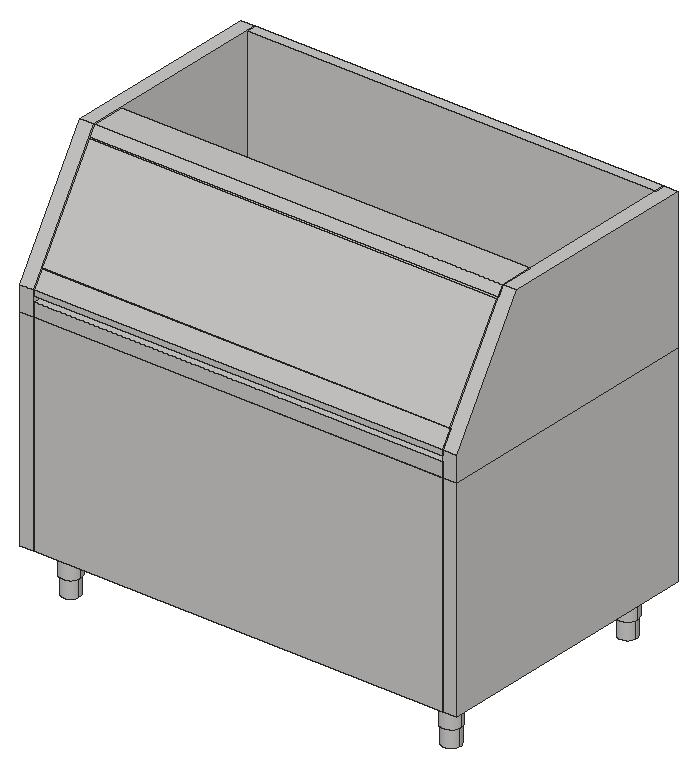
Revit family "QF_Brema_BIN350", category Specialty Equipment, Revit 2012
Parameters (values of type "BIN350")
  Width = 1250 mm
  Weight = "105 kg"
  Watts = 0 W
  Volts = 0 V
  URL Cutsheet = ""
  URL = "www.bremaice.it"
  Status [instance] = ""
  Specification by User [instance] = ""
  Specification by Manufacturer [instance] = ""
  Show Logo [instance] = yes
  Show Clearance [instance] = yes
  Serial Number = ""
  Seismic Rating = ""
  SMACNA No = ""
  Revision Code [instance] = ""
  Refrigerant Volume [instance] = 0.00 kN
  Refrigerant Type = "R404A"
  Plumbing Remarks [instance] = ""
  Plumbing Connection Type [instance] = ""
  Phase = 0
  Number of Poles [instance] = 1
  NAFEM Spec ID Number = ""
  Model = "BIN350"
  Min Ckt Ampacity = 0 A
  Max Overcurrent Protection = 0 A
  Manufacturer = "BREMA"
  Item Number [instance] = ""
  Installed By [instance] = ""
  Indirect Waste Size = 1"
  Indirect Waste Radius = Indirect Waste Size / 2  # 1/2"
  Indirect Waste Flow [instance] = 0 m³/h
  Indirect Waste Connection Type [instance] = ""
  Indirect Waste Connection Height = 130 mm
  Identify Quantity as Lot [instance] = no
  Height = 1000 mm
  HP = ""
  Furnished By [instance] = ""
  Foodservice Equipment Identifier [instance] = yes
  FL Amps = 0 A
  Electrical Remarks [instance] = ""
  Electric Connection Type [instance] = ""
  Elec Conn RI Height [instance] = 0 mm
  Elec Conn Connection Height = 0 mm
  Description = "ICE STORAGE BIN"
  Depth = 790 mm
  Daily Production [instance] = "0,0 kg/24h T=21°C:15°C"
  Cycle = 0 Hz
  Conn Plug = ""
  Conn Conduit = yes
  Cold Water Temperature Recommended [instance] = 0 °C
  Cold Water Size Radius = Cold Water Size / 2  # 3/8"
  Cold Water Size = 3/4"
  Cold Water RI Height [instance] = 0 mm
  Cold Water Minimum Pressure = 0.0 bar
  Cold Water Maximum Pressure = 0.0 bar
  Cold Water Flow [instance] = 0 m³/h
  Cold Water Consumption [instance] = "0 l/kg"
  Cold Water Connection Height = 0 mm
  CSI MasterFormat = ""
  BTUH = 0 W
  Assembly Code = "E1090320"
  Apparent Power = 0 VA
Reference planes
  plane 1 "BACK": y = 0
  plane 2: z = 0
  plane 3 "LEFT": x = 0
  plane 4 "RIGHT": x = 1250
  plane 5 "FRONT": y = -790
  plane 6 "TOP": z = 1130
Forms (mm)
  Extrusion 1, solid, visible <- "Show Clearance", detail levels coarse
    sketch origin (0, 0, 0) x (1, 0, 0) y (0, 1, 0)
      loop
        line (0, 50) -> (0, 0) -> (1250, 0) -> (1250, 50) -> (0, 50)
    from 0 to 1130
  Extrusion 2, solid
    sketch origin (1295, -181.5, 130) x (-1, 0, 0) y (0, -1, 0)
      loop
        circle (305, -26.5) r 12.7
    from 0 to -20
  Extrusion 3, solid
    sketch origin (0, 0, 515) x (0, 1, 0) y (0, 0, 1)
      loop
        line (-480, 615) -> (-575, 615) -> (-591.288, 590) -> (-480, 590) -> (-480, 615)
    from 40 to 1210
  Extrusion 4, solid
    sketch origin (0, 0, 30) x (0, 1, 0) y (0, 0, 1)
      loop
        line (-575, 1100) -> (-790, 770) -> (-790, 700) -> (0, 700) -> (0, 1100) -> (-575, 1100)
    from 0 to 40
  Extrusion 5, solid
    sketch origin (1250, 0, 30) x (0, 1, 0) y (0, 0, 1)
      loop
        line (0, 1100) -> (-575, 1100) -> (-790, 770) -> (-790, 700) -> (0, 700) -> (0, 1100)
    from 0 to -40
  Extrusion 6, solid
    sketch origin (0, 0, 0) x (1, 0, 0) y (0, 1, 0)
      loop
        line (40, -30) -> (40, -760) -> (1210, -760) -> (1210, -30) -> (40, -30)
    from 130 to 150
  Extrusion 7, solid
    sketch origin (1250, 0, 30) x (0, 1, 0) y (0, 0, 1)
      loop
        line (0, 1100) -> (-30, 1100) -> (-30, 100) -> (0, 100) -> (0, 1100)
    from -40 to -1210
  Extrusion 8, solid
    sketch origin (-860, -790, 30) x (1, 0, 0) y (0, 0, 1)
      loop
        line (900, 700) -> (900, 100) -> (2070, 100) -> (2070, 700) -> (900, 700)
    from 0 to -30
  Extrusion 9, solid
    sketch origin (-860, -790, 153.662) x (1, 0, 0) y (0, 0, 1)
      loop
        line (900, 616.338) -> (900, 576.338) -> (2070, 576.338) -> (2070, 616.338) -> (900, 616.338)
    from 0 to -30
  Extrusion 10, solid
    sketch origin (-860, -790, 192.389) x (1, 0, 0) y (0, 0, 1)
      loop
        line (900, 592.611) -> (900, 577.611) -> (2070, 577.611) -> (2070, 592.611) -> (900, 592.611)
    from -28 to -30
  Extrusion 11, solid
    sketch origin (1250, 25, 0) x (0, 1, 0) y (0, 0, 1)
      loop
        line (-815, 800) -> (-815, 785) -> (-788.967, 785) -> (-762.571, 825.516) -> (-787.706, 841.892) -> (-815, 800)
    from -1210 to -40
  Extrusion 12, solid
    sketch origin (110, -785.325, 0) x (-1, 0, 0) y (0, -1, 0)
      loop
        circle (30, -76) r 25
    from 0 to 50
  Extrusion 13, solid
    sketch origin (-280, -289.325, 130) x (-1, 0, 0) y (0, -1, 0)
      loop
        circle (-360, 420) r 29
    from -80 to 0
  Extrusion 14, solid
    sketch origin (110, -155.325, 0) x (-1, 0, 0) y (0, -1, 0)
      loop
        circle (30, -76) r 25
    from 0 to 50
  Extrusion 15, solid
    sketch origin (-280, 340.675, 130) x (-1, 0, 0) y (0, -1, 0)
      loop
        circle (-360, 420) r 29
    from -80 to 0
  Extrusion 16, solid
    sketch origin (1140, -785.325, 0) x (1, 0, 0) y (0, 1, 0)
      loop
        circle (30, 76) r 25
    from 0 to 50
  Extrusion 17, solid
    sketch origin (1530, -289.325, 130) x (1, 0, 0) y (0, 1, 0)
      loop
        circle (-360, -420) r 29
    from -80 to 0
  Extrusion 18, solid
    sketch origin (1140, -155.325, 0) x (1, 0, 0) y (0, 1, 0)
      loop
        circle (30, 76) r 25
    from 0 to 50
  Extrusion 19, solid
    sketch origin (1530, 340.675, 130) x (1, 0, 0) y (0, 1, 0)
      loop
        circle (-360, -420) r 29
    from -80 to 0
  Extrusion 20, solid
    sketch origin (1250, 25, 0) x (0, 1, 0) y (0, 0, 1)
      loop
        line (-618.894, 1101) -> (-786.069, 844.406) -> (-760.933, 828.03) -> (-583.089, 1101) -> (-618.894, 1101)
    from -1208 to -42
  Extrusion 21, solid
    sketch origin (0, 1000, 0) x (0, 1, 0) y (0, 0, 1)
      loop
        line (-1000, 730) -> (-1790, 730) -> (-1790, 130) -> (-1000, 130) -> (-1000, 730)
    from 0 to 40
  Extrusion 22, solid
    sketch origin (1250, 0, -490) x (0, 1, 0) y (0, 0, 1)
      loop
        line (0, 1220) -> (-790, 1220) -> (-790, 620) -> (0, 620) -> (0, 1220)
    from 0 to -40
Lines and regions (mm)
  symbolic lines, style "QF_Clearances", visible <- "Show Clearance", detail levels coarse
    curve 1: line (0, 50, 0) -> (1250, 50, 0)
  symbolic lines, style "200-EquipBorder-2D"
    curve 2: line (0, 0, 5) -> (1250, 0, 5)
    curve 3: line (0, -790, 5) -> (0, 0, 5)
    curve 4: line (1250, -790, 5) -> (0, -790, 5)
    curve 5: line (1250, 0, 5) -> (1250, -790, 5)
  symbolic lines, style "200-EquipInternal-2D"
    curve 6: line (40, 0, 5) -> (40, -790, 5)
    curve 7: line (1210, -790, 5) -> (1210, 0, 5)
    curve 8: line (40, -30, 5) -> (1210, -30, 5)
    curve 9: line (40, -480, 5) -> (1210, -480, 5)
    curve 10: line (40, -591.288, 5) -> (1210, -591.288, 5)
    curve 11: line (40, -575, 5) -> (1210, -575, 5)
    curve 12: line (40, -593.894, 5) -> (1210, -593.894, 5)
    curve 13: line (40, -762.706, 5) -> (1210, -762.706, 5)
Dimensions and locks
  plane 4 "RIGHT" to plane 3 "LEFT" = 1250 mm
  plane 5 "FRONT" to plane 1 "BACK" = 790 mm
  plane 6 "TOP" to plane 2 = 1130 mm  (x2)
  aligned and locked: level to plane 2
  aligned and locked: plane 4 "RIGHT" to Extrusion 1
  aligned and locked: plane 6 "TOP" to Extrusion 1
  aligned and locked: plane 4 "RIGHT" to curve 1
Connectors
  piping at (990, -155, 110), driven by "Indirect Waste Flow", driven by "Indirect Waste Radius"
    settings: on Extrusion 2, index 6, connector radius 1/2", flow factor 0, pipe flow 0 m³/h, pressure drop 0.0 bar, fitting loss kfactor 0, connector angle 0.00°, fixture units 0, engagement length 0 mm, flow configuration 1, flow direction 2, fitting loss method 0, system type 16, joint type 0, gender type 0, connector reference index -1, connector utility 0, adjustable connector no, is connector primary yes, fitting loss table "", connector description "Water drain"
